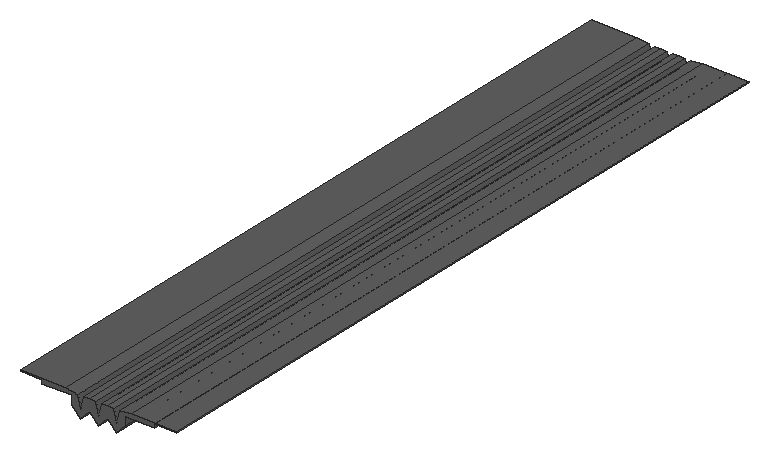
Revit family "BG-0600 - Floor-Floor", category Specialty Equipment, host Face, Revit 2020
Family settings
  Host = Face
  Round Connector Dimension = Use Diameter
  Part Type = Normal
  Cut with Voids When Loaded = No
  Shared = No
  Room Calculation Point = No
Parameters (values of type "SEE TYPE CATEGORY")
  Width = 0' - 6"
  Weldable = yes
  URL = ""
  Type Image = <None>
  Top Flap Width = 1' - 5 1/4"
  Seal Material = Rubber, Nitrile - Plasticized NPVC - Black
  Product Page URL = "https://bit.ly/37UwTHd"
  Product Documentataion URL = "https://bit.ly/37Vmz1V"
  Movement (of Nominal Material Size) = "+50% / -50%"
  Model = "BG-0600"
  Manufacturer URL = "http://www.emseal.com/"
  Manufacturer = "EMSEAL Joint Systems Ltd"
  Length [instance] = 6' - 6 23/32"
  Gland Offeset [instance] = (Width / 3) / 2  # 0' - 1"
  Description = "RoofJoint is a patented dual-seal, double-flanged, extruded thermoplastic rubber system for sealing positive-side below-grade wall, blind-side formed foundation walls, and under slabs"
  Depth = 0' - 1 15/16"
  Default Elevation = 0' - 0"
  Joint Width [instance] = if(Width > 0' 7", 0' 5 15/16", Width - 0' 0 1/16")  # 0' - 5 15/16"
  Assembly Code = "C3020200"
Reference planes (in)
  plane 1 "Center (Front/Back)": y = 0
  plane 2: z = 0
  plane 3 "Center (Left/Right)": x = 0
  plane 4 "Width 1": x = -3
  plane 5 "Width 2": x = 3
  plane 6: y = 39.35937
  plane 7: y = -39.35938
  plane 8: z = -1.9375
  plane 9 "Expansion Line": z = 0.5
  plane 10: z = 0.3125
  plane 11: x = -3.625
  plane 12: x = 3.625
  plane 13: x = -0.98437
  plane 14: x = 0.98438
  plane 15: x = -2.96875
  plane 16: x = 2.96875
  plane 17: x = -8.625
  plane 18: x = 8.625
  plane 19: x = -6.25
  plane 20: z = 0.375
  plane 21: x = 6.25
  plane 22: z = -0.96875
  plane 23: x = -1.96875
  plane 24: z = 0.3125
  plane 25: x = 1.96875
  plane 26: z = -0.97629
  plane 27: x = -0.66071
  plane 28: x = -1.32143
  plane 29: x = -1.98214
  plane 30: x = -2.3125
  plane 31: x = -1.65179
  plane 32: x = -0.99107
  plane 33: x = -0.33036
  plane 34: x = 2.3125
  plane 35: x = 1.98214
  plane 36: x = 1.65179
  plane 37: x = 1.32143
  plane 38: x = 0.99107
  plane 39: x = 0.66071
  plane 40: x = 0.33036
Forms (in)
  Extrusion 1, void
    sketch origin (0, 0, 0) x (1, 0, 0) y (0, 1, 0)
      loop
        line (-3, -39.35938) -> (3, -39.35938) -> (3, 39.35937) -> (-3, 39.35937) -> (-3, -39.35938)
    from 0 to -30
  Extrusion 2, solid, material "Rubber, Nitrile - Plasticized NPVC - Black" <- "Seal Material", detail levels coarse
    sketch origin (0, 0, 0) x (1, 0, 0) y (0, 1, 0)
      loop
        line (-3, 39.35937) -> (-3, -39.35938) -> (3, -39.35938) -> (3, 39.35937) -> (-3, 39.35937)
    from 0 to -1.9375
  Extrusion 3, solid, material "Rubber, Nitrile - Plasticized NPVC - Black" <- "Seal Material"
    sketch origin (0, 0, 0) x (1, 0, 0) y (0, 0, 1)
      loop
        line (-2.96875, 0) -> (-2.96875, -0.96875) -> (-1.96875, -1.9375) -> (-0.98437, -0.97629) -> (0, -1.9375) -> (0.98438, -0.97629) -> (1.96875, -1.9375) -> (2.96875, -0.96103) -> (2.96875, 0) -> (6.25, 0) -> (6.25, 0.375) -> (8.625, 0.375) -> (8.625, 0.5) -> (3.625, 0.5) -> (2.3125, 0.3125) -> (1.98214, -0.96875) -> (1.65625, 0.3125) -> (0.99107, 0.375) -> (0.33036, 0.31685) -> (0, -0.96875) -> (-0.33036, 0.3125) -> (-0.99107, 0.375) -> (-1.65179, 0.30252) -> (-1.98214, -0.96875) -> (-2.3125, 0.3125) -> (-3.625, 0.5) -> (-8.625, 0.5) -> (-8.625, 0.375) -> (-6.25, 0.375) -> (-6.25, 0) -> (-2.96875, 0)
    from 39.35938 to -39.35937
Lines and regions (in)
  model lines, style "Expansion Graphic"
    curve 1: line (0, 39.35937, 0.5) -> (0, -39.35938, 0.5)
Dimensions and locks (in)
  "Width": plane 4 "Width 1" to plane 5 "Width 2"
  equal spacing: plane 4 "Width 1", plane 3 "Center (Left/Right)", plane 5 "Width 2"
  equal spacing: plane 6, plane 1 "Center (Front/Back)", plane 7
  "Length": plane 6 to plane 7
  "Depth": plane 2 to plane 8
  locked: plane 9 "Expansion Line" to level at 0.5
  "Top Flap Width": plane 18 to plane 17
  equal spacing: plane 18, plane 3 "Center (Left/Right)", plane 17
  locked: plane 9 "Expansion Line" to plane 20 at 0.125
  locked: plane 19 to plane 17 at 2.375
  locked: plane 18 to plane 21 at 2.375
  locked: plane 11 to plane 17 at 5
  locked: plane 12 to plane 18 at 5
  locked: plane 22 to plane 8 at 0.96875
  "Joint Width": plane 16 to plane 15
  locked: plane 10 to plane 2 at 0.3125
  locked: plane 9 "Expansion Line" to plane 24 at 0.1875
  "Gland Offeset": plane 23 to plane 15
  "Gland Offeset": plane 16 to plane 25
  equal spacing: plane 25, plane 14, plane 3 "Center (Left/Right)", plane 13, plane 23
  locked: plane 22 to plane 26 at 0.00754
  locked: plane 30 to plane 15 at 0.65625
  equal spacing: plane 3 "Center (Left/Right)", plane 33, plane 27, plane 32, plane 28, plane 31, plane 29, plane 30
  locked: plane 16 to plane 34 at 0.65625
  equal spacing: plane 34, plane 35, plane 36, plane 37, plane 38, plane 39, plane 40, plane 3 "Center (Left/Right)"
  aligned and locked: plane 2 to host face
  aligned and locked: level to host face
  aligned and locked: Extrusion 1 sketch curve to plane 7
  aligned and locked: Extrusion 1 sketch curve to plane 4 "Width 1"
  aligned and locked: plane 6 to Extrusion 1 sketch curve
  aligned and locked: plane 5 "Width 2" to Extrusion 1 sketch curve
  aligned and locked: Extrusion 2 sketch curve to plane 6
  aligned and locked: plane 4 "Width 1" to Extrusion 2 sketch curve
  aligned and locked: plane 7 to Extrusion 2 sketch curve
  aligned and locked: Extrusion 2 sketch curve to plane 5 "Width 2"
  aligned and locked: Extrusion 2 to plane 8
  aligned and locked: level to Extrusion 2
  aligned and locked: curve 1 to plane 3 "Center (Left/Right)"
  aligned and locked: plane 6 to curve 1
  aligned and locked: plane 7 to curve 1
  aligned and locked: host face to Extrusion 3 sketch curve
  aligned and locked: plane 9 "Expansion Line" to Extrusion 3
  aligned and locked: Extrusion 3 sketch curve to plane 15
  aligned and locked: Extrusion 3 sketch curve to plane 16
  aligned and locked: Extrusion 3 to plane 17
  aligned and locked: plane 18 to Extrusion 3
  aligned and locked: Extrusion 3 to plane 20
  aligned and locked: Extrusion 3 to plane 19
  aligned and locked: Extrusion 3 sketch curve to plane 21
  aligned and locked: Extrusion 3 sketch curve to plane 20
  aligned and locked: plane 30 to Extrusion 3 sketch curve
  aligned and locked: plane 22 to Extrusion 3 sketch curve  (x2)
  aligned and locked: plane 31 to Extrusion 3 sketch curve
  aligned and locked: plane 20 to Extrusion 3 sketch curve  (x2)
  aligned and locked: plane 34 to Extrusion 3 sketch curve
  aligned and locked: plane 10 to Extrusion 3 sketch curve  (x2)
  aligned and locked: plane 40 to Extrusion 3 sketch curve
  aligned and locked: plane 29 to Extrusion 3 sketch curve
  aligned and locked: plane 26 to Extrusion 3 sketch curve
  aligned and locked: plane 35 to Extrusion 3 sketch curve
Automatic sketch dimensions
  host sketch curve to host sketch curve = 8' - 0"  (x2)
  Extrusion 3 sketch curve to plane 9 "Expansion Line" = 0' - 0"  (x2)
  Extrusion 3 sketch curve to plane 17 = 0' - 0"
  Extrusion 3 sketch curve to level = 0' - 0"
  Extrusion 3 sketch curve to plane 19 = 0' - 0"
  Extrusion 3 sketch curve to plane 11 = 0' - 0"
  Extrusion 3 sketch curve to plane 8 = 0' - 0"  (x3)
  Extrusion 3 sketch curve to plane 23 = 0' - 0"
  Extrusion 3 sketch curve to plane 32 = 0' - 0"
  Extrusion 3 sketch curve to plane 13 = 0' - 0"
  Extrusion 3 sketch curve to plane 10 = 0' - 0"  (x2)
  Extrusion 3 sketch curve to plane 33 = 0' - 0"
  Extrusion 3 sketch curve to plane 3 "Center (Left/Right)" = 0' - 0"  (x2)
  Extrusion 3 sketch curve to plane 14 = 0' - 0"
  Extrusion 3 sketch curve to plane 38 = 0' - 0"
  Extrusion 3 sketch curve to plane 25 = 0' - 0"
  plane 12 to Extrusion 3 sketch curve = 0' - 0"
  Extrusion 3 sketch curve to plane 18 = 0' - 0"
  Extrusion 3 sketch curve to plane 26 = 0' - 0"
  Extrusion 3 sketch curve to plane 22 = 0' - 0"  (x2)
  Extrusion 3 sketch curve to plane 20 = 0' - 0"
  plane 36 to Extrusion 3 sketch curve = 0' - 0.00446"
  plane 22 to Extrusion 3 sketch curve = 0' - 0.00772"
  Extrusion 3 sketch curve to plane 10 = 0' - 0.00998"
  plane 10 to Extrusion 3 sketch curve = 0' - 0.00435"
